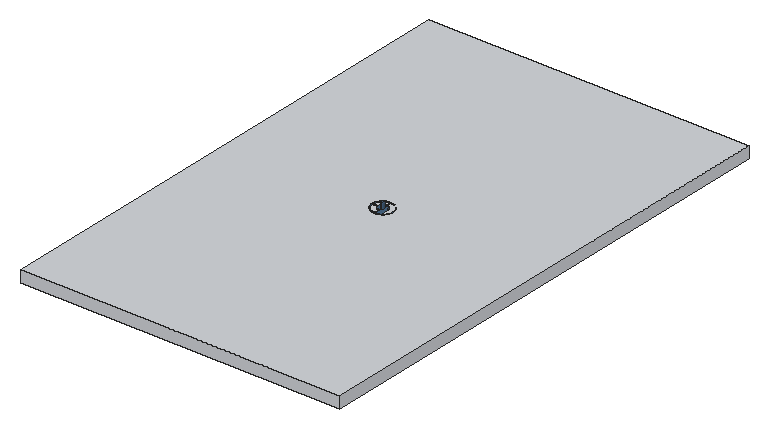
Revit family "Rough-In_Valve-3-Way_Diveter-Grohe-29902000", category Plumbing Fixtures, host Face, Revit 2019
Family settings
  Host = Face
  Round Connector Dimension = Use Radius
  Part Type = Normal
  OmniClass Number = 23.65.55.14.11
  OmniClass Title = Inlet/Outlet Valves for Liquid Services
  Cut with Voids When Loaded = No
  Shared = Yes
  Room Calculation Point = No
Parameters (values of type "29902000")
  Width = 3 1/8"  # constant formula
  Waste Connection = no
  Warranty Information = "Limited lifetime warranty"  # constant formula
  Warranty Documentation Link = "https://www.grohe.us/en_us/our-service/warranty/"
  Wall Thickness Constraint [instance] = if(Wall Thickness < 1 5/16", 1 5/16", if(Wall Thickness > 2 1/16", 2 1/16", Wall Thickness))  # 1 5/16"
  Wall Thickness [instance] = 1 5/16"
  WFU = 0  # constant formula
  Vent Connection = no
  URL = "https://www.grohe.us/"
  Type Comments = ""
  Tub Port Connection Description = if(Tub Port, "1/2'' NPT Tub Port Outlet ", "")  # "1/2'' NPT Tub Port Outlet "
  Tub Port = yes
  Tub Connection Radius = Tub Connection Diameter / 2  # 1/4"
  Tub Connection Diameter = if(Tub Port, 1/2", 0")  # 1/2"
  Tempered Water Connection Radius = Tempered Water Connection Diameter / 2  # 1/4"
  Tempered Water Connection Diameter = 1/2"  # constant formula
  Revised Date = "24/6/2021"  # constant formula
  Product Page URL = "https://www.grohe.us/Diverter-Valves-Trims/3-Way-Diverter-Rough-In-Valve-Discrete-Functions/GROHE-NO-FINISH-29902000"
  Product Documentation Link = "https://americanstandard.box.com/shared/static/wi9rlep3ae8pld6zqrhtill665w7hcvw.pdf"
  Price = "Prices may vary. Please consult Manufacturer Representative for most up-to-date price list."  # constant formula
  Model = "29902000"
  Material = "Brass-Grohe-Chrome"
  Manufacturer = "Grohe"
  Length = 3 1/8"  # constant formula
  Installation Type = "Wall Mounted"  # constant formula
  Hot Water Connection Radius = Hot Water Connection Diameter / 2  # 1/4"
  Hot Water Connection Diameter = 1/2"  # constant formula
  Height = 3 1/8"  # constant formula
  HWFU = 0  # constant formula
  HW Connection = yes
  Finish = Brass-Grohe-Chrome
  Description = "3-Way Diverter Rough-In Valve"
  Default Elevation = 40"  # constant formula
  Creation Date = "24/2/2014"  # constant formula
  Cold Water Connection Radius = Cold Water Connection Diameter / 2  # 1/4"
  Cold Water Connection Diameter = 1/2"  # constant formula
  CalGreen Compliant = yes
  CWFU = 0  # constant formula
  CW Connection = yes
  Assembly Code = "D2010710"
  ADA Compliant = yes
Reference planes (in)
  plane 1 "Center (Front/Back)": y = 0
  plane 2: z = -1.32065
  plane 3 "Center (Left/Right)": x = 0
  plane 4: x = 1.5625
  plane 5: y = 1.5625
  plane 6: x = -1.5625
  plane 7: y = -1.5625
  plane 8: x = -0.25
  plane 9: y = 0.25
  plane 10: x = 0.25
  plane 11: y = -0.25
  plane 12: z = -2.375
  plane 13: y = 1.00976
  plane 14: y = -1.00976
  plane 15: x = -0.01
  plane 16: y = 0.01
  plane 17: x = 0.01
  plane 18: y = 0.01
  plane 19: x = -0.01
  plane 20: y = -0.01
  plane 21: z = -0.75
  plane 22: z = -3.125
  plane 23: x = -1
Forms (in)
  Extrusion 1, solid
    sketch origin (0, 0, 0) x (1, 0, 0) y (0, 1, 0)
      loop
        line (-0.2711, 0.2711) -> (-0.2711, -0.2711) -> (0.27039, -0.2711) -> (0.27039, 0.2711) -> (-0.2711, 0.2711)
    from -1.32065 to -1.625
  Revolve 2, solid, material "Plastic-Grohe-Blue"
    sketch origin (0, 0, 0) x (0, 1, 0) y (0, 0, 1)
      loop
        line (0, 0.58916) -> (0, -2.375) -> (1.09732, -2.375) -> (1.09732, -0.74963) -> (1.16598, -0.74963) -> (1.16598, 0) -> (0.16598, 0) -> (0.16598, 0.58916) -> (0, 0.58916)
      axis (0, 0.58916) -> (0, -2.375)
    angle from 0 to 360
  Extrusion 3, void
    sketch origin (0, 0, 0) x (1, 0, 0) y (0, 1, 0)
      loop
        arc (-0.01, 1.10623) -> (-0.80558, 0.80038) -> (-1.12461, 0.01) r 1.06897
        line (-1.12461, 0.01) -> (-0.51, 0.01)
        arc (-0.51, 0.01) -> (-0.36355, 0.36355) -> (-0.01, 0.51) r 0.5
        line (-0.01, 0.51) -> (-0.01, 1.10623)
    from -0.73484 to 0.58916
  Extrusion 4, void
    sketch origin (0, 0, 0) x (-1, 0, 0) y (0, -1, 0)
      loop
        line (-0.01, -1.10623) -> (-0.01, -0.51)
        arc (-0.01, -0.51) -> (-0.36355, -0.36355) -> (-0.51, -0.01) r 0.5
        line (-0.51, -0.01) -> (-1.12461, -0.01)
        arc (-1.12461, -0.01) -> (-0.80558, -0.80038) -> (-0.01, -1.10623) r 1.06897
    from -0.73484 to 0.58916
  Extrusion 5, void
    sketch origin (0, 0, 0) x (1, 0, 0) y (0, 1, 0)
      loop
        line (-0.01, -1.10623) -> (-0.01, -0.51)
        arc (-0.01, -0.51) -> (-0.36355, -0.36355) -> (-0.51, -0.01) r 0.5
        line (-0.51, -0.01) -> (-1.12461, -0.01)
        arc (-1.12461, -0.01) -> (-0.80558, -0.80038) -> (-0.01, -1.10623) r 1.06897
    from -0.73484 to 0.58916
  Extrusion 6, solid
    sketch origin (0, 0, 0) x (1, 0, 0) y (0, 1, 0)
      loop
        line (-17.39994, 28) -> (-17.39994, -27.79609) -> (17.60006, -27.79609) -> (17.60006, 28) -> (-17.39994, 28)
    from 0 to -1.3125
  Revolve 7, solid, material "Brass-Grohe-Chrome" <- "Finish"
    sketch origin (0, 0, -2.875) x (0, -1, 0) y (1, 0, 0)
      loop
        line (0, 1.5625) -> (-0.21555, 1.5625) -> (-0.25, 1.52805) -> (-0.25, -1.52805) -> (-0.21555, -1.5625) -> (0, -1.5625) -> (0, 1.5625)
      axis (0, 1.5625) -> (0, -1.5625)
    angle from 0 to 360
  Revolve 8, solid, material "Brass-Grohe-Chrome" <- "Finish"
    sketch origin (0, 0, -2.875) x (1, 0, 0) y (0, 1, 0)
      loop
        line (0, 1.5625) -> (-0.21555, 1.5625) -> (-0.25, 1.52805) -> (-0.25, -1.52805) -> (-0.21555, -1.5625) -> (0, -1.5625) -> (0, 1.5625)
      axis (0, 1.5625) -> (0, -1.5625)
    angle from 0 to 360
  Extrusion 9, solid, material "Brass-Grohe-Chrome" <- "Finish"
    sketch origin (0, 0, -2.875) x (1, 0, 0) y (0, 1, 0)
      loop
        line (-1.01336, 0.47965) -> (-1.01336, -0.9158)
        arc (-1.01336, -0.9158) -> (-0.94014, -1.09258) -> (-0.76336, -1.1658) r 0.25
        line (-0.76336, -1.1658) -> (0.76336, -1.1658)
        arc (0.76336, -1.1658) -> (0.94014, -1.09258) -> (1.01336, -0.9158) r 0.25
        line (1.01336, -0.9158) -> (1.01336, 0.47965)
        arc (1.01336, 0.47965) -> (1.22795, 0.79661) -> (0.86525, 0.67431) r 0.20197
        line (0.86525, 0.67431) -> (-0.86525, 0.67431)
        arc (-0.86525, 0.67431) -> (-1.22795, 0.79661) -> (-1.01336, 0.47965) r 0.20197
      loop
        circle (-1.06722, 0.67431) r 0.07887
      loop
        circle (1.06722, 0.67431) r 0.07887
      loop
        circle (0.77388, -0.95456) r 0.07699
      loop
        circle (-0.77587, -0.94787) r 0.05356
    from 0 to 0.0625
  Extrusion 10, solid, material "Brass-Grohe-Chrome" <- "Finish"
    sketch origin (0, 0, -0.5) x (1, 0, 0) y (0, 0, 1)
      loop
        line (-0.72839, -2.625) -> (0.72839, -2.625)
        arc (0.72839, -2.625) -> (0.97839, -2.375) -> (0.72839, -2.125) r 0.25
        line (0.72839, -2.125) -> (-0.72839, -2.125)
        arc (-0.72839, -2.125) -> (-0.97839, -2.375) -> (-0.72839, -2.625) r 0.25
    from -1.08967 to -0.00213
  Extrusion 11, solid, material "Brass-Grohe-Chrome" <- "Finish"
    sketch origin (-0.01122, 0, -0.5) x (1, 0, 0) y (0, 1, 0)
      loop
        circle (0, 0) r 1.00976
    from -2.375 to -1.875
Cuts and joins
  Extrusion 3, Extrusion 4, Extrusion 5 cuts Revolve 2
Lines and regions (in)
  Masking region 1
    outline origin (0, 0, 0) x (1, 0, 0) y (0, 0, 1)
      loop
        line (0.16598, 0.58916) -> (-0.16598, 0.58916) -> (-0.16598, 0) -> (0.16598, 0) -> (0.16598, 0.58916)
Dimensions and locks (in)
  equal spacing: plane 11, plane 1 "Center (Front/Back)", plane 9
  plane 9 to plane 11 = 1/2"
  equal spacing: plane 8, plane 3 "Center (Left/Right)", plane 10
  plane 8 to plane 10 = 1/2"
  equal spacing: plane 5, plane 1 "Center (Front/Back)", plane 7
  "Height": plane 5 to plane 7
  equal spacing: plane 6, plane 3 "Center (Left/Right)", plane 4
  "Width": plane 6 to plane 4
  level to plane 12 = 2 3/8"
  locked: plane 22 to level at 3.125
  locked: plane 22 to plane 21 at 2.375
  Extrusion 6 to plane 21 = 3/4"
  "Wall Thickness Constraint": Extrusion 6 to Extrusion 6
  aligned and locked: plane 2 to Extrusion 1
  aligned and locked: Extrusion 3 sketch curve to plane 15
  aligned and locked: plane 16 to Extrusion 3 sketch curve
  aligned and locked: plane 17 to Extrusion 4 sketch curve
  aligned and locked: Extrusion 4 sketch curve to plane 18
  aligned and locked: plane 19 to Extrusion 5 sketch curve
  aligned and locked: Extrusion 5 sketch curve to plane 20
  aligned and locked: cut or joined group of Revolve 2, Extrusion 3, Extrusion 4, Extrusion 5 to Extrusion 11
Automatic sketch dimensions
  Extrusion 1 sketch curve to Extrusion 1 sketch curve = 0.54149"
  Extrusion 1 sketch curve to Extrusion 1 sketch curve = 0.54221"
  Revolve 2 sketch curve to plane 1 "Center (Front/Back)" = 0"  (x2)
  Revolve 2 sketch curve to level = 0"
  Revolve 2 sketch curve to plane 9 = 0.08402"
  plane 13 to Revolve 2 sketch curve = 0.08756"
  Revolve 2 sketch curve to Revolve 2 sketch curve = 0.06866"
  plane 21 to Revolve 2 sketch curve = 0.00037"
  Revolve 2 sketch curve to plane 12 = 0"
  Revolve 2 sketch curve to Revolve 2 sketch curve = 0.58916"
  level to Revolve 2 sketch curve = 0.02697"
  Revolve 2 sketch curve to Revolve 2 sketch curve = 0.43781"
  plane 16 to Extrusion 3 sketch curve = 0.02825"
  Extrusion 3 sketch curve to plane 15 = 0.04602"
  plane 8 to Extrusion 3 sketch curve = 0.26"
  Extrusion 3 sketch curve to plane 6 = 0.43789"
  plane 17 to Extrusion 4 sketch curve = 0.04602"
  Extrusion 4 sketch curve to plane 10 = 0.26"
  plane 4 to Extrusion 4 sketch curve = 0.43789"
  Extrusion 4 sketch curve to plane 18 = 0.02825"
  Extrusion 5 sketch curve to plane 20 = 0.02825"
  plane 19 to Extrusion 5 sketch curve = 0.04602"
  Extrusion 5 sketch curve to plane 8 = 0.26"
  plane 6 to Extrusion 5 sketch curve = 0.43789"
  plane 6 to Extrusion 6 sketch curve = 15.83744"
  plane 4 to Extrusion 6 sketch curve = 16.03756"
  plane 7 to Extrusion 6 sketch curve = 26.23359"
  plane 5 to Extrusion 6 sketch curve = 26 7/16"
  Masking region 1 sketch curve to level = 0"
  Masking region 1 sketch curve to plane 8 = 0.08402"
  Masking region 1 sketch curve to plane 10 = 0.08402"
  level to Masking region 1 sketch curve = 0.58916"
  Revolve 7 sketch curve to plane 9 = 0"
  Revolve 7 sketch curve to plane 6 = 0"
  Revolve 7 sketch curve to plane 4 = 0"
  plane 1 "Center (Front/Back)" to Revolve 7 sketch curve = 0"  (x2)
  Revolve 7 sketch curve to plane 9 = 0.03445"  (x2)
  Revolve 7 sketch curve to plane 6 = 0.03445"
  Revolve 7 sketch curve to plane 4 = 0.03445"
  plane 4 to Revolve 7 sketch curve = 2.32496"
  Revolve 7 sketch curve to Revolve 7 sketch curve = 0.33834"
  Revolve 8 sketch curve to plane 8 = 0"
  plane 7 to Revolve 8 sketch curve = 0"
  Revolve 8 sketch curve to plane 5 = 0"
  Revolve 8 sketch curve to plane 3 "Center (Left/Right)" = 0"  (x2)
  Revolve 8 sketch curve to plane 8 = 0.03445"  (x2)
  Revolve 8 sketch curve to plane 7 = 0.03445"
  Revolve 8 sketch curve to plane 5 = 0.03445"
  Revolve 8 sketch curve to Revolve 8 sketch curve = 2.32496"
  Revolve 8 sketch curve to Revolve 8 sketch curve = 0.33834"
  Extrusion 9 sketch curve to Extrusion 9 sketch curve = 0"  (x6)
  Extrusion 9 sketch curve to plane 6 = 0.49528"
  Extrusion 9 sketch curve to plane 14 = 0.09396"  (x2)
  Extrusion 9 sketch curve to plane 6 = 0.54914"
  Extrusion 9 sketch curve to Extrusion 9 sketch curve = 0.20197"
  Extrusion 9 sketch curve to plane 14 = 0.06189"
  Extrusion 9 sketch curve to Extrusion 9 sketch curve = 0.23749"
  plane 14 to Extrusion 9 sketch curve = 0.15604"
  plane 10 to Extrusion 9 sketch curve = 0.51336"
  Extrusion 9 sketch curve to Extrusion 9 sketch curve = 0.01052"
  Extrusion 9 sketch curve to Extrusion 9 sketch curve = 0.14811"
  Extrusion 9 sketch curve to Extrusion 9 sketch curve = 0.05386"
  Extrusion 9 sketch curve to Extrusion 9 sketch curve = 0.03876"
  Extrusion 9 sketch curve to plane 13 = 0.33545"
  Extrusion 10 sketch curve to plane 22 = 0"
  Extrusion 10 sketch curve to plane 23 = 0.27161"
  Extrusion 10 sketch curve to plane 12 = 1/4"
  plane 10 to Extrusion 10 sketch curve = 0.47839"
  plane 1 "Center (Front/Back)" to Extrusion 11 sketch curve = 0"
  Extrusion 11 sketch curve to plane 3 "Center (Left/Right)" = 0.01122"
  radius of Extrusion 9 sketch curve = 0.07887"  (x2)
  radius of Extrusion 9 sketch curve = 0.07699"
  radius of Extrusion 9 sketch curve = 0.05356"
  radius of Extrusion 11 sketch curve = 1.00976"
Connectors (in)
  piping at (0, -1.5625, -2.875), diameter 0.5, driven by "Tub Connection Radius", driven by "Tub Port Connection Description"
    settings: on Revolve 8, index 1, connector inside diameter 24", connector length 0", flow factor 0, pipe flow 0 GPM, pressure drop 0.00 psi, fitting loss kfactor 0, connector angle 0.00°, fixture units 0, engagement length 0", angle of deflection 0.00°, flow configuration 0, flow direction 2, fitting loss method 0, system type 7, joint type 0, gender type 0, connector reference index -1, connector utility 0, adjustable connector no, is connector primary yes, connector description "1/2'' NPT Tub Port Outlet "
  piping at (-1.5625, 0, -2.875), diameter 0.5, driven by "Tempered Water Connection Radius"
    settings: on Revolve 7, index 2, connector inside diameter 24", connector length 0", flow factor 0, pipe flow 0 GPM, pressure drop 0.00 psi, fitting loss kfactor 0, connector angle 0.00°, fixture units 0, engagement length 0", angle of deflection 0.00°, flow configuration 0, flow direction 1, fitting loss method 0, system type 7, joint type 0, gender type 0, connector reference index -1, connector utility 0, adjustable connector no, is connector primary no, connector description "1/2\" NPT Supply Inlet"
  piping at (1.5625, 0, -2.875), diameter 0.5, driven by "Tempered Water Connection Radius"
    settings: on Revolve 7, index 3, connector inside diameter 24", connector length 0", flow factor 0, pipe flow 0 GPM, pressure drop 0.00 psi, fitting loss kfactor 0, connector angle 0.00°, fixture units 0, engagement length 0", angle of deflection 0.00°, flow configuration 0, flow direction 2, fitting loss method 0, system type 7, joint type 0, gender type 0, connector reference index -1, connector utility 0, adjustable connector no, is connector primary no, connector description "1/2\" NPT Port Outlet"
  piping at (0, 1.5625, -2.875), diameter 0.5, driven by "Tempered Water Connection Radius"
    settings: on Revolve 8, index 4, connector inside diameter 24", connector length 0", flow factor 0, pipe flow 0 GPM, pressure drop 0.00 psi, fitting loss kfactor 0, connector angle 0.00°, fixture units 0, engagement length 0", angle of deflection 0.00°, flow configuration 0, flow direction 2, fitting loss method 0, system type 7, joint type 0, gender type 0, connector reference index -1, connector utility 0, adjustable connector no, is connector primary no, connector description "1/2\" NPT Shower Port Outlet"
